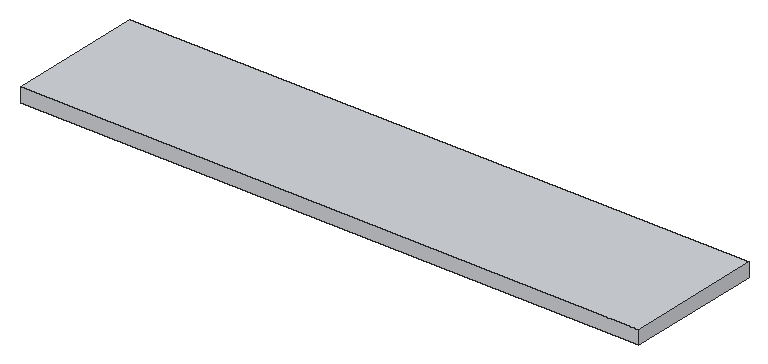
Revit family "BIM_ST_Scaff_PlankWalkway_Shared", category Generic Models, Revit 2022
Family settings
  Can host rebar = No
  Round Connector Dimension = Use Diameter
  Part Type = Normal
  Work Plane-Based = No
  Always vertical = Yes
  Cut with Voids When Loaded = No
  Maintain Annotation Orientation = No
  Shared = Yes
  Room Calculation Point = No
Parameters
  Default Elevation = 0 mm
Reference planes
  plane 1 "Center (Front/Back)": y = 0
  plane 2: z = 0
  plane 3 "Center (Left/Right)": x = 0
Forms (mm)
  Extrusion 1, solid
    sketch origin (0, 0, 0) x (1, 0, 0) y (0, 1, 0)
      loop
        line (-900, -200) -> (900, -200) -> (900, 200) -> (-900, 200) -> (-900, -200)
    from 0 to 40
Dimensions and locks
  aligned and locked: level to plane 2
